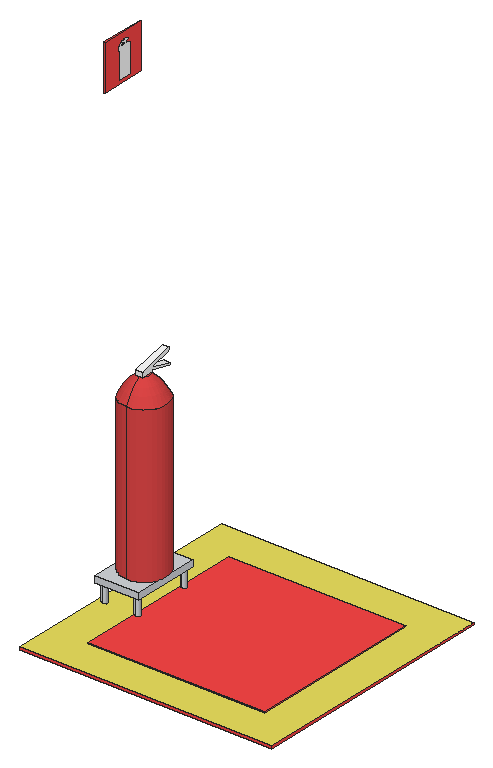
Revit family "Inc_Extintor_H2O", category Security Devices, Revit 2025
Family settings
  Round Connector Dimension = Use Diameter
  Part Type = Normal
  OmniClass Number = 23.65.70.17.27
  OmniClass Title = Fire Extinguishers
  Work Plane-Based = No
  Always vertical = Yes
  Cut with Voids When Loaded = No
  Maintain Annotation Orientation = No
  Shared = No
  Room Calculation Point = Yes
Parameters
  Material Extintor = CT_INC_Extintor
  INC_Verificado [instance] = no
  INC_Validade Extintor [instance] = ""
  INC_Tipo de Extintor [instance] = ""
  INC_Classe de Fogo [instance] = ""
  INC_Carga do Extintor [instance] = ""
  INC_Altura Placa [instance] = 1.800189 m
  INC_Altura Extintor [instance] = 0.102623 m
  INC_Altura Alça [instance] = 0.795 m
  INC_Agente do Extintor [instance] = ""
  Default Elevation = 0.000 m
  INC_Extintor Móvel [instance] = no
  ABNT_Visibilidade Placa [instance] = ""
  ABNT_Codigo de Sinalização [instance] = ""
Reference planes (m)
  plane 1: z = 0
  plane 2 "NaParede": x = 0
  plane 3 "Eixo_X": y = -1.434717
  plane 4 "Topo": z = 0.795
  plane 5 "Eixo_Y": x = 0
  plane 6: z = 1.800189
Forms (m)
  Extrusion 1, solid, material "CT_INC_Sinal_Vermelho", detail levels fine
    sketch origin (0.725, -1.104717, 0) x (1, 0, 0) y (0, 1, 0)
      loop
        line (-0.575, 0.02) -> (-0.575, -0.68) -> (0.125, -0.68) -> (0.125, 0.02) -> (-0.575, 0.02)
    from 0 to 0.01
  Extrusion 2, solid, material "CT_INC_Sinal_Vermelho", detail levels fine
    sketch origin (0.725, -1.104717, 0) x (1, 0, 0) y (0, 1, 0)
      loop
        line (-0.725, 0.17) -> (-0.725, -0.83) -> (0.275, -0.83) -> (0.275, 0.17) -> (-0.725, 0.17)
    from 0 to 0.009
  Extrusion 3, solid, detail levels fine
    sketch origin (0, -0.694877, 0.559) x (0, -1, 0) y (0, 0, 1)
      loop
        line (0.706441, 1.366276) -> (0.706441, 1.260993) -> (0.756312, 1.260993) -> (0.756312, 1.366276) -> (0.756312, 1.370431) -> (0.754927, 1.373202) -> (0.752156, 1.375973) -> (0.748, 1.377358) -> (0.735533, 1.377358) -> (0.735533, 1.387055) -> (0.741628, 1.387055) -> (0.759083, 1.374587) -> (0.759083, 1.366276) -> (0.763239, 1.366276) -> (0.763239, 1.378743) -> (0.743844, 1.393982) -> (0.742805, 1.392596) -> (0.735533, 1.392596) -> (0.735533, 1.395367) -> (0.727221, 1.395367) -> (0.727221, 1.392596) -> (0.72168, 1.392596) -> (0.717524, 1.391211) -> (0.717524, 1.38844) -> (0.72168, 1.387055) -> (0.727221, 1.387055) -> (0.727221, 1.377358) -> (0.716138, 1.377358) -> (0.711983, 1.375973) -> (0.709212, 1.373202) -> (0.707827, 1.370431) -> (0.706441, 1.366276)
    from 0 to -0.01
  Extrusion 4, solid, material "CT_INC_Extintor" <- "Material Extintor", detail levels fine
    sketch origin (0, -0.694877, 0.559) x (0, -1, 0) y (0, 0, 1)
      loop
        line (0.822826, 1.420168) -> (0.646854, 1.420168) -> (0.646854, 1.241189) -> (0.822826, 1.241189) -> (0.822826, 1.420168)
    from 0 to -0.005
  Revolve 5, solid, material "CT_INC_Extintor" <- "Material Extintor"
    sketch origin (0.0925, 0, 0.1) x (0, 1, 0) y (0, 0, 1)
      loop
        line (-1.434717, 0.695) -> (-1.457966, 0.695)
        spline (-1.457966, 0.695) -> (-1.468219, 0.687224) -> (-1.476967, 0.679476) -> (-1.484402, 0.671874) -> (-1.490715, 0.664538) -> (-1.496097, 0.657585) -> (-1.500739, 0.651135) -> (-1.504832, 0.645288) -> (-1.508534, 0.639859) -> (-1.511986, 0.634436) -> (-1.515326, 0.628597) -> (-1.51869, 0.621925) -> (-1.522217, 0.614)
        line (-1.522217, 0.614) -> (-1.522217, 0.002623) -> (-1.434717, 0.002623) -> (-1.434717, 0.695)
      axis (-1.434717, 0.695) -> (-1.434717, 0.002623)
    angle from 0 to 360
  Extrusion 6, solid
    sketch origin (0.002031, 0.162972, 1.202623) x (0, 1, 0) y (0, 0, 1)
      loop
        line (-1.730189, -1.1) -> (-1.730189, -1.125) -> (-1.460189, -1.125) -> (-1.460189, -1.1) -> (-1.730189, -1.1)
    from 0 to 0.175
  Extrusion 7, solid
    sketch origin (1.436748, -1.432217, 0.002623) x (0, -1, 0) y (1, 0, 0)
      loop
        circle (-0.114405, -1.281513) r 0.01
      loop
        circle (0.114405, -1.281513) r 0.01
      loop
        circle (-0.114405, -1.412922) r 0.01
      loop
        circle (0.114405, -1.412922) r 0.01
    from 0 to 0.075
  Extrusion 8, solid, material "CT_INC_Extintor" <- "Material Extintor"
    sketch origin (0.091693, -1.553026, -3.399834) x (0, -1, 0) y (0, 0, -1)
      loop
        line (-0.095059, -4.194834) -> (-0.141557, -4.194834) -> (-0.141557, -4.20317) -> (-0.230479, -4.182641) -> (-0.230479, -4.19003) -> (-0.147721, -4.209136) -> (-0.147721, -4.213375) -> (-0.220556, -4.231535) -> (-0.227316, -4.238295) -> (-0.227316, -4.245318) -> (-0.095059, -4.212343) -> (-0.095059, -4.194834)
    from -0.0127 to 0.0127
Lines and regions (m)
  symbolic lines, style "04 - Combate a Incêndio"
    curve 1: line (0.45, -1.434717, 0) -> (0, -1.17491, 0)
    curve 2: line (0, -1.17491, 0) -> (0, -1.694525, 0)
    curve 3: line (0, -1.694525, 0) -> (0.45, -1.434717, 0)
    curve 4: circle (0.15, -1.434717, 0) r 0.096048 normal (0, 0, 1)
    curve 5: line (0.229082, -1.354839, 0) -> (0.15, -1.434717, 0)
    curve 6: line (0.15, -1.434717, 0) -> (0.229316, -1.514364, 0)
    curve 7: line (0.070918, -1.514596, 0) -> (0.15, -1.434717, 0)
    curve 8: line (0.15, -1.434717, 0) -> (0.070684, -1.355071, 0)
Dimensions and locks (m)
  "INC_Altura Extintor": Extrusion 6 to level
  "INC_Altura Alça": plane 4 "Topo" to level
  "INC_Altura Placa": plane 6 to level
  Extrusion 8 sketch curve to Extrusion 8 sketch curve to Extrusion 8 sketch curve to Extrusion 8 sketch curve to Extrusion 8 sketch curve to Extrusion 8 sketch curve to Extrusion 8 sketch curve to Extrusion 8 sketch curve to Extrusion 8 sketch curve = 0.00676 m, 0.01816 m, 0.001032 m, 0.003207 m, 0.005966 m, 0.008336 m, 0.004804 m, 0.007389 m
  Extrusion 8 sketch curve to Extrusion 8 sketch curve to Extrusion 8 sketch curve to Extrusion 8 sketch curve to Extrusion 8 sketch curve to Extrusion 8 sketch curve = 0.046498 m, 0.006164 m, 0.072835 m, 0.00676 m, 0.003163 m
  aligned and locked: level to plane 1
Automatic sketch dimensions
  curve 1 to plane 2 "NaParede" = 0.000 m
  plane 3 "Eixo_X" to curve 4 = 0.000 m
  plane 3 "Eixo_X" to curve 5 = 0.000 m
  plane 3 "Eixo_X" to curve 1 = 0.000 m
  plane 2 "NaParede" to curve 4 = 0.150 m
  curve 5 to curve 4 = 0.000 m
  curve 4 to curve 1 = 0.300 m
  plane 3 "Eixo_X" to curve 3 = 0.259808 m
  curve 1 to plane 3 "Eixo_X" = 0.259808 m
  plane 2 "NaParede" to curve 8 = 0.070684 m
  plane 2 "NaParede" to curve 7 = 0.070918 m
  curve 5 to plane 3 "Eixo_X" = 0.079878 m
  curve 4 to curve 5 = 0.079082 m
  plane 3 "Eixo_X" to curve 6 = 0.079646 m
  curve 4 to curve 6 = 0.079316 m
  plane 3 "Eixo_X" to curve 7 = 0.079878 m
  curve 8 to plane 3 "Eixo_X" = 0.079646 m
  plane 2 "NaParede" to Extrusion 1 sketch curve = 0.150 m
  Extrusion 1 sketch curve to Extrusion 1 sketch curve = 0.700 m
  plane 3 "Eixo_X" to Extrusion 1 sketch curve = 0.350 m
  Extrusion 1 sketch curve to plane 3 "Eixo_X" = 0.350 m
  Extrusion 2 sketch curve to plane 2 "NaParede" = 0.000 m
  Extrusion 2 sketch curve to Extrusion 2 sketch curve = 1.000 m
  plane 3 "Eixo_X" to Extrusion 2 sketch curve = 0.500 m
  Extrusion 2 sketch curve to plane 3 "Eixo_X" = 0.500 m
  Extrusion 3 sketch curve to plane 3 "Eixo_X" = 0.033399 m
  Extrusion 3 sketch curve to Extrusion 3 sketch curve = 0.001385 m  (x7)
  Extrusion 3 sketch curve to Extrusion 3 sketch curve = 0.002771 m  (x8)
  Extrusion 3 sketch curve to Extrusion 3 sketch curve = 0.004156 m  (x9)
  Extrusion 3 sketch curve to Extrusion 3 sketch curve = 0.011082 m
  Extrusion 3 sketch curve to Extrusion 3 sketch curve = 0.000 m  (x5)
  Extrusion 3 sketch curve to plane 3 "Eixo_X" = 0.004307 m  (x2)
  plane 3 "Eixo_X" to Extrusion 3 sketch curve = 0.001788 m
  plane 3 "Eixo_X" to Extrusion 3 sketch curve = 0.002965 m
  Extrusion 3 sketch curve to Extrusion 3 sketch curve = 0.001039 m
  plane 3 "Eixo_X" to Extrusion 3 sketch curve = 0.00816 m
  plane 3 "Eixo_X" to Extrusion 3 sketch curve = 0.016472 m
  plane 6 to Extrusion 3 sketch curve = 0.019804 m
  Extrusion 3 sketch curve to Extrusion 3 sketch curve = 0.105283 m
  Extrusion 3 sketch curve to Extrusion 3 sketch curve = 0.009697 m
  Extrusion 3 sketch curve to Extrusion 3 sketch curve = 0.005541 m  (x2)
  Extrusion 4 sketch curve to plane 6 = 0.000 m
  Extrusion 4 sketch curve to plane 3 "Eixo_X" = 0.092986 m
  plane 3 "Eixo_X" to Extrusion 4 sketch curve = 0.082986 m
  plane 6 to Extrusion 4 sketch curve = 0.178979 m
  Revolve 5 sketch curve to plane 4 "Topo" = 0.000 m
  Revolve 5 sketch curve to plane 3 "Eixo_X" = 0.000 m  (x2)
  plane 3 "Eixo_X" to Revolve 5 sketch curve = 0.023249 m
  plane 3 "Eixo_X" to Revolve 5 sketch curve = 0.0875 m
  Revolve 5 sketch curve to plane 4 "Topo" = 0.081 m
  level to Revolve 5 sketch curve = 0.102623 m
  Revolve 5 sketch curve to level = 0.215 m
  Revolve 5 sketch curve to Revolve 5 sketch curve = 0.030 m
  plane 3 "Eixo_X" to Extrusion 6 sketch curve = 0.1325 m
  Extrusion 6 sketch curve to plane 3 "Eixo_X" = 0.1375 m
  level to Extrusion 6 sketch curve = 0.077623 m
  Extrusion 6 sketch curve to Extrusion 6 sketch curve = 0.025 m
  plane 2 "NaParede" to Extrusion 7 sketch curve = 0.023826 m  (x2)
  Extrusion 7 sketch curve to plane 3 "Eixo_X" = 0.116905 m  (x2)
  plane 3 "Eixo_X" to Extrusion 7 sketch curve = 0.111905 m  (x2)
  Extrusion 7 sketch curve to Extrusion 7 sketch curve = 0.131409 m  (x2)
  Extrusion 8 sketch curve to plane 4 "Topo" = 0.000 m
  Extrusion 8 sketch curve to plane 3 "Eixo_X" = 0.112171 m
  Extrusion 8 sketch curve to Extrusion 8 sketch curve = 0.007023 m
  radius of curve 4 = 0.096048 m
  radius of Extrusion 7 sketch curve = 0.010 m  (x4)
